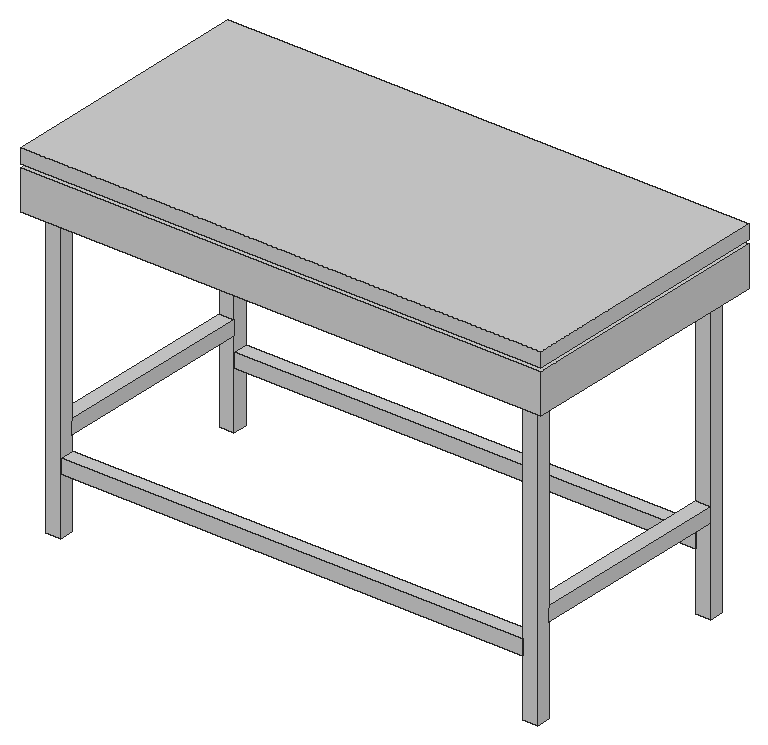
Revit family "SP", category Specialty Equipment, Revit 2012
Parameters (values of type "Specialty Display Table (Default)")
  URL = "http://madixinc.com/display/freestanding.html"
  Model = "Specialty Display Table"
  Manufacturer = "© 2012 Madix, Inc. All rights reserved."
  Height = 2' - 0"
Reference planes (in)
  plane 1 "Center (Front/Back)": y = 0
  plane 2: z = 0
  plane 3 "Center (Left/Right)": x = 0
  plane 4: x = -18
  plane 5: x = 18
  plane 6: y = 9
  plane 7: y = -9
  plane 8: z = 24
  plane 9: z = 4
  plane 10: z = 5
  plane 11: z = 6
  plane 12: z = 7
  plane 13: z = 24
  plane 14: z = 20
  plane 15: z = 23
  plane 16: z = 22.75
Forms (in)
  Extrusion 1, solid, material "Metal - Steel"
    sketch origin (0, 0, 0) x (1, 0, 0) y (0, 1, 0)
      loop
        line (-18, 9) -> (-18, -9) -> (18, -9) -> (18, 9) -> (-18, 9)
    from 23 to 24
  Extrusion 2, solid, material "Metal - Steel"
    sketch origin (0, 0, 60) x (0, -1, 0) y (1, 0, 0)
      loop
        line (-9, -18) -> (9, -18) -> (9, 18) -> (-9, 18) -> (-9, -18)
    from -40 to -37.25
  Extrusion 3, solid, material "Metal - Steel"
    sketch origin (0, 0, 0) x (1, 0, 0) y (0, 1, 0)
      loop
        line (-17.5, 8.5) -> (-17.5, -8.5) -> (17.5, -8.5) -> (17.5, 8.5) -> (-17.5, 8.5)
    from 22.75 to 23
  Extrusion 4, solid, material "Metal - Steel"
    sketch origin (0, 0, 0) x (1, 0, 0) y (0, 1, 0)
      loop
        line (-16, 7) -> (-16, 8) -> (-17, 8) -> (-17, 7) -> (-16, 7)
      loop
        line (-16, -7) -> (-17, -7) -> (-17, -8) -> (-16, -8) -> (-16, -7)
      loop
        line (16, 7) -> (17, 7) -> (17, 8) -> (16, 8) -> (16, 7)
      loop
        line (16, -7) -> (16, -8) -> (17, -8) -> (17, -7) -> (16, -7)
    from 0 to 20
  Extrusion 5, solid, material "Metal - Steel"
    sketch origin (0, 0, 0) x (1, 0, 0) y (0, 1, 0)
      loop
        line (-16, 8) -> (-16, 7) -> (16, 7) -> (16, 8) -> (-16, 8)
      loop
        line (-16, -8) -> (16, -8) -> (16, -7) -> (-16, -7) -> (-16, -8)
    from 4 to 5
  Extrusion 6, solid, material "Metal - Steel"
    sketch origin (0, 0, 0) x (1, 0, 0) y (0, 1, 0)
      loop
        line (-17, 7) -> (-17, -7) -> (-16, -7) -> (-16, 7) -> (-17, 7)
      loop
        line (17, 7) -> (16, 7) -> (16, -7) -> (17, -7) -> (17, 7)
    from 6 to 7
Cuts and joins
  joined: Extrusion 1, Extrusion 2, Extrusion 3
Dimensions and locks (in)
  "Height": plane 8 to level
  plane 13 to plane 15 to plane 16 to plane 14 = 0' - 1" locked, 0' - 0 1/4" locked, 0' - 2 3/4" locked
  aligned and locked: level to plane 2
  aligned and locked: plane 13 to cut or joined group of Extrusion 1, Extrusion 2, Extrusion 3
  aligned and locked: plane 14 to cut or joined group of Extrusion 1, Extrusion 2, Extrusion 3
  aligned and locked: plane 15 to cut or joined group of Extrusion 1, Extrusion 2, Extrusion 3
  aligned and locked: plane 16 to cut or joined group of Extrusion 1, Extrusion 2, Extrusion 3
  aligned and locked: Extrusion 3 to Extrusion 1
  aligned and locked: Extrusion 3 to Extrusion 2
  aligned and locked: plane 8 to plane 13
  aligned and locked: Extrusion 4 to cut or joined group of Extrusion 1, Extrusion 2, Extrusion 3
Automatic sketch dimensions
  Extrusion 1 sketch curve to plane 4 = 0' - 0"
  Extrusion 1 sketch curve to plane 5 = 0' - 0"
  plane 7 to Extrusion 1 sketch curve = 0' - 0"
  Extrusion 1 sketch curve to plane 6 = 0' - 0"
  Extrusion 2 sketch curve to plane 5 = 0' - 0"
  Extrusion 2 sketch curve to plane 6 = 0' - 0"
  Extrusion 2 sketch curve to plane 4 = 0' - 0"
  plane 7 to Extrusion 2 sketch curve = 0' - 0"
  plane 5 to Extrusion 3 sketch curve = 0' - 0 1/2"
  Extrusion 3 sketch curve to plane 6 = 0' - 0 1/2"
  Extrusion 3 sketch curve to plane 7 = 0' - 0 1/2"
  plane 4 to Extrusion 3 sketch curve = 0' - 0 1/2"
  plane 4 to Extrusion 4 sketch curve = 0' - 1"  (x2)
  Extrusion 4 sketch curve to Extrusion 4 sketch curve = 0' - 1"  (x6)
  plane 5 to Extrusion 4 sketch curve = 0' - 2"  (x2)
  Extrusion 4 sketch curve to plane 7 = 0' - 1"  (x2)
  Extrusion 4 sketch curve to plane 6 = 0' - 2"  (x2)
  Extrusion 4 sketch curve to plane 6 = 0' - 1"  (x2)
  plane 4 to Extrusion 5 sketch curve = 0' - 2"  (x2)
  plane 5 to Extrusion 5 sketch curve = 0' - 2"  (x2)
  Extrusion 5 sketch curve to plane 7 = 0' - 1"
  Extrusion 5 sketch curve to Extrusion 5 sketch curve = 0' - 1"
  Extrusion 5 sketch curve to plane 6 = 0' - 2"
  Extrusion 5 sketch curve to plane 6 = 0' - 1"
  plane 4 to Extrusion 6 sketch curve = 0' - 1"
  Extrusion 6 sketch curve to Extrusion 6 sketch curve = 0' - 1"  (x2)
  plane 5 to Extrusion 6 sketch curve = 0' - 2"
  Extrusion 6 sketch curve to plane 7 = 0' - 2"  (x2)
  Extrusion 6 sketch curve to plane 6 = 0' - 2"  (x2)
